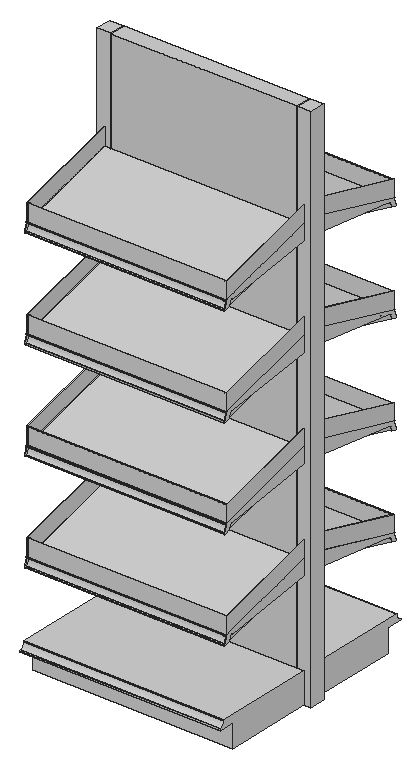
Revit family "ML5", category Specialty Equipment, Revit 2012
Parameters (values of type "Maxi Line Angled Shelves Starter (Default)")
  URL = "http://www.madixinc.com/display/maxiline/shelvesaccessories/sus.html"
  Model = "Maxi Line"
  Manufacturer = "© 2012 Madix, Inc. All rights reserved."
  "Front" Base Shelf [instance] = yes
  "Front" 2' Shelf [instance] = yes
  "Front" 3' 6" Shelf [instance] = yes
  "Front" 5' Shelf [instance] = yes
  "Front" 6' 6" Shelf [instance] = yes
  "Back" Base Shelf [instance] = yes
  "Back" 2' Shelf [instance] = yes
  "Back" 3' 6" Shelf [instance] = yes
  "Back" 5' Shelf [instance] = yes
  "Back" 6' 6" Shelf [instance] = yes
  Width = 3' - 0"
  Height = 8' - 0"
  "Front" Shelf Depth = 1' - 6"
  "Back" Shelf Depth = 1' - 6"
Reference planes (in)
  plane 1 "Center (Front/Back)": y = 0
  plane 2: z = 0
  plane 3 "Center (Left/Right)": x = 0
  plane 4: y = 1.375
  plane 5: y = -1.375
  plane 6: x = -18
  plane 7: x = 18
  plane 8: x = -19.25
  plane 9: x = 19.25
  plane 10: y = -19.375
  plane 11: y = 19.375
  plane 12: z = 96
  plane 13: x = -17.875
  plane 14: x = 17.875
  plane 15: z = 5.5
  plane 16: z = 23.5
  plane 17: z = 41.5
  plane 18: z = 59.5
  plane 19: z = 77.5
  plane 20: y = -18.72931
  plane 21: y = 18.72931
Forms (in)
  Extrusion 1, solid, material "Metal - Steel"
    sketch origin (0, 0, 0) x (1, 0, 0) y (0, 1, 0)
      loop
        line (-19.25, 1.375) -> (-19.25, -1.375) -> (-16.75, -1.375) -> (-16.75, 1.375) -> (-19.25, 1.375)
      loop
        line (-16.71875, 1.375) -> (-16.71875, -1.375) -> (16.71875, -1.375) -> (16.71875, 1.375) -> (-16.71875, 1.375)
      loop
        line (19.25, 1.375) -> (16.75, 1.375) -> (16.75, -1.375) -> (19.25, -1.375) -> (19.25, 1.375)
    from 0 to 96
  Extrusion 2, solid, material "Metal - Steel", visible <- ""Front" 2' Shelf"
    sketch origin (0, 0, 0) x (0, 1, 0) y (0, 0, 1)
      loop
        line (-1.375, 23.5) -> (-18.60431, 18.88342) -> (-18.60431, 21.84993) -> (-18.72931, 21.84993) -> (-18.72931, 18.84993) -> (-18.88241, 18.8089) -> (-18.85005, 18.68816) -> (-18.72931, 18.72052)
        arc (-18.72931, 18.72052) -> (-18.81726, 18.03659) -> (-19.16259, 17.43974) r 1.75
        line (-19.16259, 17.43974) -> (-19.19494, 17.56048) -> (-19.31568, 17.52812) -> (-19.25097, 17.28664) -> (-1.375, 22.0765) -> (-1.375, 23.5)
    from -17.875 to 17.875
  Extrusion 3, solid, material "Metal - Steel", visible <- ""Front" Base Shelf"
    sketch origin (0, 0, 0) x (1, 0, 0) y (0, 1, 0)
      loop
        line (-18, -1.375) -> (-18, -17.375) -> (18, -17.375) -> (18, -1.375) -> (-18, -1.375)
    from 0 to 4.125
  Extrusion 4, solid, material "Metal - Steel", visible <- ""Front" Base Shelf"
    sketch origin (0, 0, 0) x (0, 1, 0) y (0, 0, 1)
      loop
        line (-1.375, 5.5) -> (-19.375, 5.5) -> (-19.5, 5.5) -> (-19.5, 5.375) -> (-19.375, 5.375)
        arc (-19.375, 5.375) -> (-19.63696, 4.73714) -> (-20.125, 4.25) r 1.75
        line (-20.125, 4.25) -> (-20.125, 4.375) -> (-20.25, 4.375) -> (-20.25, 4.125) -> (-1.375, 4.125) -> (-1.375, 5.5)
    from -18 to 18
  Extrusion 5, solid, material "Metal - Steel", visible <- ""Back" Base Shelf"
    sketch origin (0, 0, 0) x (1, 0, 0) y (0, 1, 0)
      loop
        line (-18, 1.375) -> (18, 1.375) -> (18, 17.375) -> (-18, 17.375) -> (-18, 1.375)
    from 0 to 4.125
  Extrusion 6, solid, material "Metal - Steel", visible <- ""Back" Base Shelf"
    sketch origin (0, 0, 0) x (0, -1, 0) y (0, 0, -1)
      loop
        line (-1.375, -5.5) -> (-1.375, -4.125) -> (-20.25, -4.125) -> (-20.25, -4.375) -> (-20.125, -4.375) -> (-20.125, -4.25)
        arc (-20.125, -4.25) -> (-19.63696, -4.73714) -> (-19.375, -5.375) r 1.75
        line (-19.375, -5.375) -> (-19.5, -5.375) -> (-19.5, -5.5) -> (-19.375, -5.5) -> (-1.375, -5.5)
    from -18 to 18
  Extrusion 7, solid, material "Metal - Steel", visible <- ""Front" 2' Shelf"
    sketch origin (0, 0, 0) x (0, 1, 0) y (0, 0, 1)
      loop
        line (-18.88241, 18.8089) -> (-18.85005, 18.68816)
        arc (-18.85005, 18.68816) -> (-18.97576, 18.06515) -> (-19.31568, 17.52812) r 1.75
        line (-19.31568, 17.52812) -> (-19.25097, 17.28664) -> (-18.28505, 17.54546) -> (-18.34975, 17.78694) -> (-17.78707, 18.58476) -> (-17.54559, 18.64947) -> (-17.51324, 18.52872) -> (-1.375, 20.75) -> (-1.375, 23.5) -> (-18.72931, 18.84993) -> (-18.88241, 18.8089)
      loop
        circle (-3.42759, 22.43237) r 0.125
      loop
        circle (-15.61374, 19.1671) r 0.125
      loop
        line (-1.375, 26.5) -> (-18.72931, 21.84993) -> (-18.72931, 18.88118) -> (-1.375, 23.53125) -> (-1.375, 26.5)
    from -18 to -17.875
  Extrusion 8, solid, material "Metal - Steel", visible <- ""Front" 2' Shelf"
    sketch origin (0, 0, 0) x (0, 1, 0) y (0, 0, -1)
      loop
        line (-18.88241, -18.8089) -> (-18.72931, -18.84993) -> (-1.375, -23.5) -> (-1.375, -20.75) -> (-17.51324, -18.52872) -> (-17.54559, -18.64947) -> (-17.78707, -18.58476) -> (-18.34975, -17.78694) -> (-18.28505, -17.54546) -> (-19.25097, -17.28664) -> (-19.31568, -17.52812)
        arc (-19.31568, -17.52812) -> (-18.97576, -18.06515) -> (-18.85005, -18.68816) r 1.75
        line (-18.85005, -18.68816) -> (-18.88241, -18.8089)
      loop
        circle (-3.42759, -22.43237) r 0.125
      loop
        circle (-15.61374, -19.1671) r 0.125
      loop
        line (-1.375, -26.5) -> (-1.375, -23.53125) -> (-18.72931, -18.88118) -> (-18.72931, -21.84993) -> (-1.375, -26.5)
    from -18 to -17.875
  Extrusion 9, solid, material "Metal - Steel", visible <- ""Front" 3' 6" Shelf"
    sketch origin (0, 0, 18) x (0, 1, 0) y (0, 0, 1)
      loop
        line (-1.375, 23.5) -> (-18.60431, 18.88342) -> (-18.60431, 21.84993) -> (-18.72931, 21.84993) -> (-18.72931, 18.84993) -> (-18.88241, 18.8089) -> (-18.85005, 18.68816) -> (-18.72931, 18.72052)
        arc (-18.72931, 18.72052) -> (-18.81726, 18.03659) -> (-19.16259, 17.43974) r 1.75
        line (-19.16259, 17.43974) -> (-19.19494, 17.56048) -> (-19.31568, 17.52812) -> (-19.25097, 17.28664) -> (-1.375, 22.0765) -> (-1.375, 23.5)
    from -17.875 to 17.875
  Extrusion 10, solid, material "Metal - Steel", visible <- ""Front" 5' Shelf"
    sketch origin (0, 0, 36) x (0, 1, 0) y (0, 0, 1)
      loop
        line (-1.375, 23.5) -> (-18.60431, 18.88342) -> (-18.60431, 21.84993) -> (-18.72931, 21.84993) -> (-18.72931, 18.84993) -> (-18.88241, 18.8089) -> (-18.85005, 18.68816) -> (-18.72931, 18.72052)
        arc (-18.72931, 18.72052) -> (-18.81726, 18.03659) -> (-19.16259, 17.43974) r 1.75
        line (-19.16259, 17.43974) -> (-19.19494, 17.56048) -> (-19.31568, 17.52812) -> (-19.25097, 17.28664) -> (-1.375, 22.0765) -> (-1.375, 23.5)
    from -17.875 to 17.875
  Extrusion 11, solid, material "Metal - Steel", visible <- ""Front" 6' 6" Shelf"
    sketch origin (0, 0, 54) x (0, 1, 0) y (0, 0, 1)
      loop
        line (-1.375, 23.5) -> (-18.60431, 18.88342) -> (-18.60431, 21.84993) -> (-18.72931, 21.84993) -> (-18.72931, 18.84993) -> (-18.88241, 18.8089) -> (-18.85005, 18.68816) -> (-18.72931, 18.72052)
        arc (-18.72931, 18.72052) -> (-18.81726, 18.03659) -> (-19.16259, 17.43974) r 1.75
        line (-19.16259, 17.43974) -> (-19.19494, 17.56048) -> (-19.31568, 17.52812) -> (-19.25097, 17.28664) -> (-1.375, 22.0765) -> (-1.375, 23.5)
    from -17.875 to 17.875
  Extrusion 12, solid, material "Metal - Steel", visible <- ""Back" 6' 6" Shelf"
    sketch origin (0, 0, 54) x (0, -1, 0) y (0, 0, -1)
      loop
        line (-1.375, -23.5) -> (-1.375, -22.0765) -> (-19.25097, -17.28664) -> (-19.31568, -17.52812) -> (-19.19494, -17.56048) -> (-19.16259, -17.43974)
        arc (-19.16259, -17.43974) -> (-18.81726, -18.03659) -> (-18.72931, -18.72052) r 1.75
        line (-18.72931, -18.72052) -> (-18.85005, -18.68816) -> (-18.88241, -18.8089) -> (-18.72931, -18.84993) -> (-18.72931, -21.84993) -> (-18.60431, -21.84993) -> (-18.60431, -18.88342) -> (-1.375, -23.5)
    from -17.875 to 17.875
  Extrusion 13, solid, material "Metal - Steel", visible <- ""Back" 5' Shelf"
    sketch origin (0, 0, 36) x (0, -1, 0) y (0, 0, -1)
      loop
        line (-1.375, -23.5) -> (-1.375, -22.0765) -> (-19.25097, -17.28664) -> (-19.31568, -17.52812) -> (-19.19494, -17.56048) -> (-19.16259, -17.43974)
        arc (-19.16259, -17.43974) -> (-18.81726, -18.03659) -> (-18.72931, -18.72052) r 1.75
        line (-18.72931, -18.72052) -> (-18.85005, -18.68816) -> (-18.88241, -18.8089) -> (-18.72931, -18.84993) -> (-18.72931, -21.84993) -> (-18.60431, -21.84993) -> (-18.60431, -18.88342) -> (-1.375, -23.5)
    from -17.875 to 17.875
  Extrusion 14, solid, material "Metal - Steel", visible <- ""Back" 3' 6" Shelf"
    sketch origin (0, 0, 18) x (0, -1, 0) y (0, 0, -1)
      loop
        line (-1.375, -23.5) -> (-1.375, -22.0765) -> (-19.25097, -17.28664) -> (-19.31568, -17.52812) -> (-19.19494, -17.56048) -> (-19.16259, -17.43974)
        arc (-19.16259, -17.43974) -> (-18.81726, -18.03659) -> (-18.72931, -18.72052) r 1.75
        line (-18.72931, -18.72052) -> (-18.85005, -18.68816) -> (-18.88241, -18.8089) -> (-18.72931, -18.84993) -> (-18.72931, -21.84993) -> (-18.60431, -21.84993) -> (-18.60431, -18.88342) -> (-1.375, -23.5)
    from -17.875 to 17.875
  Extrusion 15, solid, material "Metal - Steel", visible <- ""Back" 2' Shelf"
    sketch origin (0, 0, 0) x (0, -1, 0) y (0, 0, -1)
      loop
        line (-1.375, -23.5) -> (-1.375, -22.0765) -> (-19.25097, -17.28664) -> (-19.31568, -17.52812) -> (-19.19494, -17.56048) -> (-19.16259, -17.43974)
        arc (-19.16259, -17.43974) -> (-18.81726, -18.03659) -> (-18.72931, -18.72052) r 1.75
        line (-18.72931, -18.72052) -> (-18.85005, -18.68816) -> (-18.88241, -18.8089) -> (-18.72931, -18.84993) -> (-18.72931, -21.84993) -> (-18.60431, -21.84993) -> (-18.60431, -18.88342) -> (-1.375, -23.5)
    from -17.875 to 17.875
  Extrusion 16, solid, material "Metal - Steel", visible <- ""Front" 3' 6" Shelf"
    sketch origin (0, 0, 18) x (0, 1, 0) y (0, 0, 1)
      loop
        line (-18.88241, 18.8089) -> (-18.85005, 18.68816)
        arc (-18.85005, 18.68816) -> (-18.97576, 18.06515) -> (-19.31568, 17.52812) r 1.75
        line (-19.31568, 17.52812) -> (-19.25097, 17.28664) -> (-18.28505, 17.54546) -> (-18.34975, 17.78694) -> (-17.78707, 18.58476) -> (-17.54559, 18.64947) -> (-17.51324, 18.52872) -> (-1.375, 20.75) -> (-1.375, 23.5) -> (-18.72931, 18.84993) -> (-18.88241, 18.8089)
      loop
        circle (-3.42759, 22.43237) r 0.125
      loop
        circle (-15.61374, 19.1671) r 0.125
      loop
        line (-1.375, 26.5) -> (-18.72931, 21.84993) -> (-18.72931, 18.88118) -> (-1.375, 23.53125) -> (-1.375, 26.5)
    from -18 to -17.875
  Extrusion 17, solid, material "Metal - Steel", visible <- ""Front" 5' Shelf"
    sketch origin (0, 0, 36) x (0, 1, 0) y (0, 0, 1)
      loop
        line (-18.88241, 18.8089) -> (-18.85005, 18.68816)
        arc (-18.85005, 18.68816) -> (-18.97576, 18.06515) -> (-19.31568, 17.52812) r 1.75
        line (-19.31568, 17.52812) -> (-19.25097, 17.28664) -> (-18.28505, 17.54546) -> (-18.34975, 17.78694) -> (-17.78707, 18.58476) -> (-17.54559, 18.64947) -> (-17.51324, 18.52872) -> (-1.375, 20.75) -> (-1.375, 23.5) -> (-18.72931, 18.84993) -> (-18.88241, 18.8089)
      loop
        circle (-3.42759, 22.43237) r 0.125
      loop
        circle (-15.61374, 19.1671) r 0.125
      loop
        line (-1.375, 26.5) -> (-18.72931, 21.84993) -> (-18.72931, 18.88118) -> (-1.375, 23.53125) -> (-1.375, 26.5)
    from -18 to -17.875
  Extrusion 18, solid, material "Metal - Steel", visible <- ""Front" 6' 6" Shelf"
    sketch origin (0, 0, 54) x (0, 1, 0) y (0, 0, 1)
      loop
        line (-18.88241, 18.8089) -> (-18.85005, 18.68816)
        arc (-18.85005, 18.68816) -> (-18.97576, 18.06515) -> (-19.31568, 17.52812) r 1.75
        line (-19.31568, 17.52812) -> (-19.25097, 17.28664) -> (-18.28505, 17.54546) -> (-18.34975, 17.78694) -> (-17.78707, 18.58476) -> (-17.54559, 18.64947) -> (-17.51324, 18.52872) -> (-1.375, 20.75) -> (-1.375, 23.5) -> (-18.72931, 18.84993) -> (-18.88241, 18.8089)
      loop
        circle (-3.42759, 22.43237) r 0.125
      loop
        circle (-15.61374, 19.1671) r 0.125
      loop
        line (-1.375, 26.5) -> (-18.72931, 21.84993) -> (-18.72931, 18.88118) -> (-1.375, 23.53125) -> (-1.375, 26.5)
    from -18 to -17.875
  Extrusion 19, solid, material "Metal - Steel", visible <- ""Front" 3' 6" Shelf"
    sketch origin (0, 0, 18) x (0, 1, 0) y (0, 0, -1)
      loop
        line (-18.88241, -18.8089) -> (-18.72931, -18.84993) -> (-1.375, -23.5) -> (-1.375, -20.75) -> (-17.51324, -18.52872) -> (-17.54559, -18.64947) -> (-17.78707, -18.58476) -> (-18.34975, -17.78694) -> (-18.28505, -17.54546) -> (-19.25097, -17.28664) -> (-19.31568, -17.52812)
        arc (-19.31568, -17.52812) -> (-18.97576, -18.06515) -> (-18.85005, -18.68816) r 1.75
        line (-18.85005, -18.68816) -> (-18.88241, -18.8089)
      loop
        circle (-3.42759, -22.43237) r 0.125
      loop
        circle (-15.61374, -19.1671) r 0.125
      loop
        line (-1.375, -26.5) -> (-1.375, -23.53125) -> (-18.72931, -18.88118) -> (-18.72931, -21.84993) -> (-1.375, -26.5)
    from -18 to -17.875
  Extrusion 20, solid, material "Metal - Steel", visible <- ""Front" 5' Shelf"
    sketch origin (0, 0, 36) x (0, 1, 0) y (0, 0, -1)
      loop
        line (-18.88241, -18.8089) -> (-18.72931, -18.84993) -> (-1.375, -23.5) -> (-1.375, -20.75) -> (-17.51324, -18.52872) -> (-17.54559, -18.64947) -> (-17.78707, -18.58476) -> (-18.34975, -17.78694) -> (-18.28505, -17.54546) -> (-19.25097, -17.28664) -> (-19.31568, -17.52812)
        arc (-19.31568, -17.52812) -> (-18.97576, -18.06515) -> (-18.85005, -18.68816) r 1.75
        line (-18.85005, -18.68816) -> (-18.88241, -18.8089)
      loop
        circle (-3.42759, -22.43237) r 0.125
      loop
        circle (-15.61374, -19.1671) r 0.125
      loop
        line (-1.375, -26.5) -> (-1.375, -23.53125) -> (-18.72931, -18.88118) -> (-18.72931, -21.84993) -> (-1.375, -26.5)
    from -18 to -17.875
  Extrusion 21, solid, material "Metal - Steel", visible <- ""Front" 6' 6" Shelf"
    sketch origin (0, 0, 54) x (0, 1, 0) y (0, 0, -1)
      loop
        line (-18.88241, -18.8089) -> (-18.72931, -18.84993) -> (-1.375, -23.5) -> (-1.375, -20.75) -> (-17.51324, -18.52872) -> (-17.54559, -18.64947) -> (-17.78707, -18.58476) -> (-18.34975, -17.78694) -> (-18.28505, -17.54546) -> (-19.25097, -17.28664) -> (-19.31568, -17.52812)
        arc (-19.31568, -17.52812) -> (-18.97576, -18.06515) -> (-18.85005, -18.68816) r 1.75
        line (-18.85005, -18.68816) -> (-18.88241, -18.8089)
      loop
        circle (-3.42759, -22.43237) r 0.125
      loop
        circle (-15.61374, -19.1671) r 0.125
      loop
        line (-1.375, -26.5) -> (-1.375, -23.53125) -> (-18.72931, -18.88118) -> (-18.72931, -21.84993) -> (-1.375, -26.5)
    from -18 to -17.875
  Extrusion 22, solid, material "Metal - Steel", visible <- ""Back" 2' Shelf"
    sketch origin (0, 0, 0) x (0, -1, 0) y (0, 0, -1)
      loop
        line (-18.88241, -18.8089) -> (-18.72931, -18.84993) -> (-1.375, -23.5) -> (-1.375, -20.75) -> (-17.51324, -18.52872) -> (-17.54559, -18.64947) -> (-17.78707, -18.58476) -> (-18.34975, -17.78694) -> (-18.28505, -17.54546) -> (-19.25097, -17.28664) -> (-19.31568, -17.52812)
        arc (-19.31568, -17.52812) -> (-18.97576, -18.06515) -> (-18.85005, -18.68816) r 1.75
        line (-18.85005, -18.68816) -> (-18.88241, -18.8089)
      loop
        circle (-3.42759, -22.43237) r 0.125
      loop
        circle (-15.61374, -19.1671) r 0.125
      loop
        line (-1.375, -26.5) -> (-1.375, -23.53125) -> (-18.72931, -18.88118) -> (-18.72931, -21.84993) -> (-1.375, -26.5)
    from -18 to -17.875
  Extrusion 23, solid, material "Metal - Steel", visible <- ""Back" 2' Shelf"
    sketch origin (0, 0, 0) x (0, -1, 0) y (0, 0, 1)
      loop
        line (-18.88241, 18.8089) -> (-18.85005, 18.68816)
        arc (-18.85005, 18.68816) -> (-18.97576, 18.06515) -> (-19.31568, 17.52812) r 1.75
        line (-19.31568, 17.52812) -> (-19.25097, 17.28664) -> (-18.28505, 17.54546) -> (-18.34975, 17.78694) -> (-17.78707, 18.58476) -> (-17.54559, 18.64947) -> (-17.51324, 18.52872) -> (-1.375, 20.75) -> (-1.375, 23.5) -> (-18.72931, 18.84993) -> (-18.88241, 18.8089)
      loop
        circle (-3.42759, 22.43237) r 0.125
      loop
        circle (-15.61374, 19.1671) r 0.125
      loop
        line (-1.375, 26.5) -> (-18.72931, 21.84993) -> (-18.72931, 18.88118) -> (-1.375, 23.53125) -> (-1.375, 26.5)
    from -18 to -17.875
  Extrusion 24, solid, material "Metal - Steel", visible <- ""Back" 3' 6" Shelf"
    sketch origin (0, 0, 18) x (0, -1, 0) y (0, 0, -1)
      loop
        line (-18.88241, -18.8089) -> (-18.72931, -18.84993) -> (-1.375, -23.5) -> (-1.375, -20.75) -> (-17.51324, -18.52872) -> (-17.54559, -18.64947) -> (-17.78707, -18.58476) -> (-18.34975, -17.78694) -> (-18.28505, -17.54546) -> (-19.25097, -17.28664) -> (-19.31568, -17.52812)
        arc (-19.31568, -17.52812) -> (-18.97576, -18.06515) -> (-18.85005, -18.68816) r 1.75
        line (-18.85005, -18.68816) -> (-18.88241, -18.8089)
      loop
        circle (-3.42759, -22.43237) r 0.125
      loop
        circle (-15.61374, -19.1671) r 0.125
      loop
        line (-1.375, -26.5) -> (-1.375, -23.53125) -> (-18.72931, -18.88118) -> (-18.72931, -21.84993) -> (-1.375, -26.5)
    from -18 to -17.875
  Extrusion 25, solid, material "Metal - Steel", visible <- ""Back" 3' 6" Shelf"
    sketch origin (0, 0, 18) x (0, -1, 0) y (0, 0, 1)
      loop
        line (-18.88241, 18.8089) -> (-18.85005, 18.68816)
        arc (-18.85005, 18.68816) -> (-18.97576, 18.06515) -> (-19.31568, 17.52812) r 1.75
        line (-19.31568, 17.52812) -> (-19.25097, 17.28664) -> (-18.28505, 17.54546) -> (-18.34975, 17.78694) -> (-17.78707, 18.58476) -> (-17.54559, 18.64947) -> (-17.51324, 18.52872) -> (-1.375, 20.75) -> (-1.375, 23.5) -> (-18.72931, 18.84993) -> (-18.88241, 18.8089)
      loop
        circle (-3.42759, 22.43237) r 0.125
      loop
        circle (-15.61374, 19.1671) r 0.125
      loop
        line (-1.375, 26.5) -> (-18.72931, 21.84993) -> (-18.72931, 18.88118) -> (-1.375, 23.53125) -> (-1.375, 26.5)
    from -18 to -17.875
  Extrusion 26, solid, material "Metal - Steel", visible <- ""Back" 5' Shelf"
    sketch origin (0, 0, 36) x (0, -1, 0) y (0, 0, -1)
      loop
        line (-18.88241, -18.8089) -> (-18.72931, -18.84993) -> (-1.375, -23.5) -> (-1.375, -20.75) -> (-17.51324, -18.52872) -> (-17.54559, -18.64947) -> (-17.78707, -18.58476) -> (-18.34975, -17.78694) -> (-18.28505, -17.54546) -> (-19.25097, -17.28664) -> (-19.31568, -17.52812)
        arc (-19.31568, -17.52812) -> (-18.97576, -18.06515) -> (-18.85005, -18.68816) r 1.75
        line (-18.85005, -18.68816) -> (-18.88241, -18.8089)
      loop
        circle (-3.42759, -22.43237) r 0.125
      loop
        circle (-15.61374, -19.1671) r 0.125
      loop
        line (-1.375, -26.5) -> (-1.375, -23.53125) -> (-18.72931, -18.88118) -> (-18.72931, -21.84993) -> (-1.375, -26.5)
    from -18 to -17.875
  Extrusion 27, solid, material "Metal - Steel", visible <- ""Back" 5' Shelf"
    sketch origin (0, 0, 36) x (0, -1, 0) y (0, 0, 1)
      loop
        line (-18.88241, 18.8089) -> (-18.85005, 18.68816)
        arc (-18.85005, 18.68816) -> (-18.97576, 18.06515) -> (-19.31568, 17.52812) r 1.75
        line (-19.31568, 17.52812) -> (-19.25097, 17.28664) -> (-18.28505, 17.54546) -> (-18.34975, 17.78694) -> (-17.78707, 18.58476) -> (-17.54559, 18.64947) -> (-17.51324, 18.52872) -> (-1.375, 20.75) -> (-1.375, 23.5) -> (-18.72931, 18.84993) -> (-18.88241, 18.8089)
      loop
        circle (-3.42759, 22.43237) r 0.125
      loop
        circle (-15.61374, 19.1671) r 0.125
      loop
        line (-1.375, 26.5) -> (-18.72931, 21.84993) -> (-18.72931, 18.88118) -> (-1.375, 23.53125) -> (-1.375, 26.5)
    from -18 to -17.875
  Extrusion 28, solid, material "Metal - Steel", visible <- ""Back" 6' 6" Shelf"
    sketch origin (0, 0, 54) x (0, -1, 0) y (0, 0, -1)
      loop
        line (-18.88241, -18.8089) -> (-18.72931, -18.84993) -> (-1.375, -23.5) -> (-1.375, -20.75) -> (-17.51324, -18.52872) -> (-17.54559, -18.64947) -> (-17.78707, -18.58476) -> (-18.34975, -17.78694) -> (-18.28505, -17.54546) -> (-19.25097, -17.28664) -> (-19.31568, -17.52812)
        arc (-19.31568, -17.52812) -> (-18.97576, -18.06515) -> (-18.85005, -18.68816) r 1.75
        line (-18.85005, -18.68816) -> (-18.88241, -18.8089)
      loop
        circle (-3.42759, -22.43237) r 0.125
      loop
        circle (-15.61374, -19.1671) r 0.125
      loop
        line (-1.375, -26.5) -> (-1.375, -23.53125) -> (-18.72931, -18.88118) -> (-18.72931, -21.84993) -> (-1.375, -26.5)
    from -18 to -17.875
  Extrusion 29, solid, material "Metal - Steel", visible <- ""Back" 6' 6" Shelf"
    sketch origin (0, 0, 54) x (0, -1, 0) y (0, 0, 1)
      loop
        line (-18.88241, 18.8089) -> (-18.85005, 18.68816)
        arc (-18.85005, 18.68816) -> (-18.97576, 18.06515) -> (-19.31568, 17.52812) r 1.75
        line (-19.31568, 17.52812) -> (-19.25097, 17.28664) -> (-18.28505, 17.54546) -> (-18.34975, 17.78694) -> (-17.78707, 18.58476) -> (-17.54559, 18.64947) -> (-17.51324, 18.52872) -> (-1.375, 20.75) -> (-1.375, 23.5) -> (-18.72931, 18.84993) -> (-18.88241, 18.8089)
      loop
        circle (-3.42759, 22.43237) r 0.125
      loop
        circle (-15.61374, 19.1671) r 0.125
      loop
        line (-1.375, 26.5) -> (-18.72931, 21.84993) -> (-18.72931, 18.88118) -> (-1.375, 23.53125) -> (-1.375, 26.5)
    from -18 to -17.875
Cuts and joins
  joined: Extrusion 3, Extrusion 4
  joined: Extrusion 5, Extrusion 6
Dimensions and locks (in)
  locked: plane 8 to plane 6 at 1.25
  locked: plane 7 to plane 9 at 1.25
  ""Front" Shelf Depth": plane 5 to plane 10
  ""Back" Shelf Depth": plane 11 to plane 4
  "Height": plane 12 to level
  equal spacing: plane 6, plane 3 "Center (Left/Right)", plane 7
  "Width": plane 6 to plane 7
  locked: plane 6 to plane 13 at 0.125
  locked: plane 14 to plane 7 at 0.125
  locked: plane 20 to plane 10 at 0.64569
  locked: plane 11 to plane 21 at 0.64569
  aligned and locked: level to plane 2
  aligned and locked: plane 12 to Extrusion 1
  aligned and locked: Extrusion 4 to plane 6
  aligned and locked: Extrusion 2 to plane 13
  aligned and locked: Extrusion 4 to plane 7
  aligned and locked: Extrusion 2 to plane 14
  aligned and locked: Extrusion 6 to plane 7
  aligned and locked: Extrusion 6 to plane 6
  aligned and locked: Extrusion 6 to Extrusion 5
  aligned and locked: Extrusion 7 to plane 6
  aligned and locked: plane 13 to Extrusion 7
  aligned and locked: Extrusion 18 to plane 6
  aligned and locked: plane 13 to Extrusion 18
  aligned and locked: Extrusion 17 to plane 6
  aligned and locked: plane 13 to Extrusion 17
  aligned and locked: Extrusion 16 to plane 6
  aligned and locked: plane 13 to Extrusion 16
  aligned and locked: Extrusion 11 to plane 13
  aligned and locked: Extrusion 10 to plane 13
  aligned and locked: Extrusion 9 to plane 13
  aligned and locked: plane 14 to Extrusion 21
  aligned and locked: Extrusion 11 to plane 14
  aligned and locked: Extrusion 20 to plane 7
  aligned and locked: plane 14 to Extrusion 20
  aligned and locked: Extrusion 19 to plane 7
  aligned and locked: plane 14 to Extrusion 19
  aligned and locked: Extrusion 10 to plane 14
  aligned and locked: Extrusion 8 to plane 7
  aligned and locked: plane 14 to Extrusion 8
  aligned and locked: Extrusion 28 to plane 6
  aligned and locked: plane 13 to Extrusion 28
  aligned and locked: Extrusion 12 to plane 13
  aligned and locked: Extrusion 26 to plane 6
  aligned and locked: plane 13 to Extrusion 26
  aligned and locked: Extrusion 13 to plane 13
  aligned and locked: Extrusion 24 to plane 6
  aligned and locked: plane 13 to Extrusion 24
  aligned and locked: Extrusion 14 to plane 13
  aligned and locked: Extrusion 22 to plane 6
  aligned and locked: plane 13 to Extrusion 22
  aligned and locked: Extrusion 15 to plane 13
  aligned and locked: Extrusion 15 to plane 14
  aligned and locked: Extrusion 29 to plane 7
  aligned and locked: plane 14 to Extrusion 29
  aligned and locked: Extrusion 12 to plane 14
  aligned and locked: Extrusion 27 to plane 7
  aligned and locked: plane 14 to Extrusion 27
  aligned and locked: Extrusion 13 to plane 14
  aligned and locked: Extrusion 25 to plane 7
  aligned and locked: plane 14 to Extrusion 25
  aligned and locked: Extrusion 14 to plane 14
  aligned and locked: Extrusion 23 to plane 7
  aligned and locked: plane 14 to Extrusion 23
  aligned and locked: Extrusion 21 to plane 7
  aligned and locked: Extrusion 9 to plane 14
Automatic sketch dimensions
  Extrusion 1 sketch curve to plane 4 = 0' - 0"  (x3)
  Extrusion 1 sketch curve to plane 8 = 0' - 0"
  plane 5 to Extrusion 1 sketch curve = 0' - 0"  (x3)
  Extrusion 1 sketch curve to plane 9 = 0' - 0"
  plane 13 to Extrusion 1 sketch curve = 0' - 1 1/8"
  Extrusion 1 sketch curve to Extrusion 1 sketch curve = 0' - 0 1/32"  (x2)
  plane 14 to Extrusion 1 sketch curve = 0' - 1 5/32"
  Extrusion 2 sketch curve to plane 20 = 0' - 0"  (x2)
  Extrusion 2 sketch curve to plane 5 = 0' - 0"
  plane 16 to Extrusion 2 sketch curve = 0' - 0"
  plane 20 to Extrusion 2 sketch curve = 0' - 0.12074"
  Extrusion 2 sketch curve to Extrusion 2 sketch curve = 0' - 0.03235"  (x2)
  plane 10 to Extrusion 2 sketch curve = 0' - 0.21241"
  plane 10 to Extrusion 2 sketch curve = 0' - 0.12403"
  plane 10 to Extrusion 2 sketch curve = 0' - 0.05932"
  Extrusion 2 sketch curve to plane 10 = 0' - 1.09997"
  Extrusion 2 sketch curve to plane 20 = 0' - 0 1/8"
  Extrusion 2 sketch curve to Extrusion 2 sketch curve = 0' - 1.4235"
  plane 16 to Extrusion 2 sketch curve = 0' - 1.65007"
  Extrusion 2 sketch curve to Extrusion 2 sketch curve = 0' - 2.96651"
  Extrusion 2 sketch curve to Extrusion 2 sketch curve = 0' - 0.03349"
  Extrusion 2 sketch curve to Extrusion 2 sketch curve = 0' - 0.04102"
  Extrusion 2 sketch curve to Extrusion 2 sketch curve = 0' - 0.21153"
  plane 5 to Extrusion 3 sketch curve = 0' - 0"
  Extrusion 3 sketch curve to plane 6 = 0' - 0"
  Extrusion 3 sketch curve to plane 7 = 0' - 0"
  Extrusion 3 sketch curve to plane 20 = 0' - 1.35431"
  plane 15 to Extrusion 4 sketch curve = 0' - 0"
  Extrusion 4 sketch curve to plane 10 = 0' - 0"  (x2)
  Extrusion 4 sketch curve to plane 5 = 0' - 0"
  Extrusion 4 sketch curve to Extrusion 4 sketch curve = 0' - 0 1/8"  (x4)
  Extrusion 4 sketch curve to plane 10 = 0' - 0 3/4"
  Extrusion 4 sketch curve to plane 15 = 0' - 0.20787"
  Extrusion 4 sketch curve to Extrusion 4 sketch curve = 0' - 0.84305"
  Extrusion 4 sketch curve to Extrusion 4 sketch curve = 0' - 1 3/8"
  Extrusion 5 sketch curve to plane 4 = 0' - 0"
  Extrusion 5 sketch curve to plane 6 = 0' - 0"
  Extrusion 5 sketch curve to plane 7 = 0' - 0"
  plane 21 to Extrusion 5 sketch curve = 0' - 1.35431"
  plane 15 to Extrusion 6 sketch curve = 0' - 0"
  Extrusion 6 sketch curve to plane 11 = 0' - 0"  (x2)
  Extrusion 6 sketch curve to plane 4 = 0' - 0"
  plane 11 to Extrusion 6 sketch curve = 0' - 0 1/8"
  plane 11 to Extrusion 6 sketch curve = 0' - 0 3/4"
  Extrusion 6 sketch curve to Extrusion 6 sketch curve = 0' - 0 1/8"  (x2)
  plane 15 to Extrusion 6 sketch curve = 0' - 0.20787"
  Extrusion 6 sketch curve to Extrusion 6 sketch curve = 0' - 0.84305"
  Extrusion 6 sketch curve to plane 15 = 0' - 0 1/8"
  Extrusion 6 sketch curve to plane 15 = 0' - 1 3/8"
  Extrusion 7 sketch curve to plane 20 = 0' - 0"  (x2)
  Extrusion 7 sketch curve to plane 5 = 0' - 0"  (x2)
  plane 16 to Extrusion 7 sketch curve = 0' - 0"
  plane 20 to Extrusion 7 sketch curve = 0' - 0.12074"
  Extrusion 7 sketch curve to Extrusion 7 sketch curve = 0' - 0.03235"  (x2)
  plane 10 to Extrusion 7 sketch curve = 0' - 0.12403"
  plane 10 to Extrusion 7 sketch curve = 0' - 0.05932"
  Extrusion 7 sketch curve to plane 10 = 0' - 1.22482"
  Extrusion 7 sketch curve to plane 20 = 0' - 0.37956"
  Extrusion 7 sketch curve to Extrusion 7 sketch curve = 0' - 0.0647"  (x2)
  Extrusion 7 sketch curve to plane 20 = 0' - 0.94224"
  Extrusion 7 sketch curve to Extrusion 7 sketch curve = 0' - 0.24148"
  Extrusion 7 sketch curve to Extrusion 7 sketch curve = 0' - 1.93185"
  plane 5 to Extrusion 7 sketch curve = 0' - 2.05259"
  plane 16 to Extrusion 7 sketch curve = 0' - 1.06763"
  plane 16 to Extrusion 7 sketch curve = 0' - 1.65007"
  Extrusion 7 sketch curve to Extrusion 7 sketch curve = 0' - 1.68237"
  Extrusion 7 sketch curve to Extrusion 7 sketch curve = 0' - 2.68282"
  Extrusion 7 sketch curve to Extrusion 7 sketch curve = 0' - 2 31/32"  (x2)
  Extrusion 7 sketch curve to Extrusion 7 sketch curve = 0' - 0 1/32"
  Extrusion 7 sketch curve to Extrusion 7 sketch curve = 0' - 0.04102"
  Extrusion 7 sketch curve to Extrusion 7 sketch curve = 0' - 0.09188"
  Extrusion 7 sketch curve to Extrusion 7 sketch curve = 0' - 0.20046"
  Extrusion 7 sketch curve to Extrusion 7 sketch curve = 0' - 0.79782"
  Extrusion 7 sketch curve to plane 16 = 0' - 0 1/32"
  Extrusion 8 sketch curve to plane 20 = 0' - 0"  (x2)
  Extrusion 8 sketch curve to plane 5 = 0' - 0"  (x2)
  plane 16 to Extrusion 8 sketch curve = 0' - 0"
  plane 20 to Extrusion 8 sketch curve = 0' - 0.12074"
  Extrusion 8 sketch curve to Extrusion 8 sketch curve = 0' - 0.03235"  (x2)
  plane 10 to Extrusion 8 sketch curve = 0' - 0.12403"
  plane 10 to Extrusion 8 sketch curve = 0' - 0.05932"
  Extrusion 8 sketch curve to plane 10 = 0' - 1.22482"
  Extrusion 8 sketch curve to plane 20 = 0' - 0.37956"
  Extrusion 8 sketch curve to Extrusion 8 sketch curve = 0' - 0.0647"  (x2)
  Extrusion 8 sketch curve to plane 20 = 0' - 0.94224"
  Extrusion 8 sketch curve to Extrusion 8 sketch curve = 0' - 0.24148"
  Extrusion 8 sketch curve to Extrusion 8 sketch curve = 0' - 1.93185"
  plane 5 to Extrusion 8 sketch curve = 0' - 2.05259"
  Extrusion 8 sketch curve to Extrusion 8 sketch curve = 0' - 0 1/32"  (x2)
  Extrusion 8 sketch curve to Extrusion 8 sketch curve = 0' - 2 31/32"  (x2)
  plane 16 to Extrusion 8 sketch curve = 0' - 1.06763"
  plane 16 to Extrusion 8 sketch curve = 0' - 1.65007"
  Extrusion 8 sketch curve to Extrusion 8 sketch curve = 0' - 1.68237"
  Extrusion 8 sketch curve to Extrusion 8 sketch curve = 0' - 2.68282"
  Extrusion 8 sketch curve to Extrusion 8 sketch curve = 0' - 0.04102"
  Extrusion 8 sketch curve to Extrusion 8 sketch curve = 0' - 0.09188"
  Extrusion 8 sketch curve to Extrusion 8 sketch curve = 0' - 0.20046"
  Extrusion 8 sketch curve to Extrusion 8 sketch curve = 0' - 0.79782"
  Extrusion 9 sketch curve to plane 20 = 0' - 0"  (x2)
  Extrusion 9 sketch curve to plane 5 = 0' - 0"
  Extrusion 9 sketch curve to plane 17 = 0' - 0"
  plane 20 to Extrusion 9 sketch curve = 0' - 0.12074"
  Extrusion 9 sketch curve to Extrusion 9 sketch curve = 0' - 0.03235"  (x2)
  plane 10 to Extrusion 9 sketch curve = 0' - 0.21241"
  plane 10 to Extrusion 9 sketch curve = 0' - 0.12403"
  plane 10 to Extrusion 9 sketch curve = 0' - 0.05932"
  Extrusion 9 sketch curve to plane 10 = 0' - 1.09997"
  Extrusion 9 sketch curve to plane 20 = 0' - 0 1/8"
  Extrusion 9 sketch curve to Extrusion 9 sketch curve = 0' - 1.4235"
  Extrusion 9 sketch curve to plane 17 = 0' - 1.65007"
  Extrusion 9 sketch curve to Extrusion 9 sketch curve = 0' - 2.96651"
  Extrusion 9 sketch curve to Extrusion 9 sketch curve = 0' - 0.03349"
  Extrusion 9 sketch curve to Extrusion 9 sketch curve = 0' - 0.04102"
  Extrusion 9 sketch curve to Extrusion 9 sketch curve = 0' - 0.21153"
  Extrusion 10 sketch curve to plane 20 = 0' - 0"  (x2)
  Extrusion 10 sketch curve to plane 5 = 0' - 0"
  Extrusion 10 sketch curve to plane 18 = 0' - 0"
  plane 20 to Extrusion 10 sketch curve = 0' - 0.12074"
  Extrusion 10 sketch curve to Extrusion 10 sketch curve = 0' - 0.03235"  (x2)
  plane 10 to Extrusion 10 sketch curve = 0' - 0.21241"
  plane 10 to Extrusion 10 sketch curve = 0' - 0.12403"
  plane 10 to Extrusion 10 sketch curve = 0' - 0.05932"
  Extrusion 10 sketch curve to plane 10 = 0' - 1.09997"
  Extrusion 10 sketch curve to plane 20 = 0' - 0 1/8"
  Extrusion 10 sketch curve to Extrusion 10 sketch curve = 0' - 1.4235"
  Extrusion 10 sketch curve to plane 18 = 0' - 1.65007"
  Extrusion 10 sketch curve to Extrusion 10 sketch curve = 0' - 2.96651"
  Extrusion 10 sketch curve to Extrusion 10 sketch curve = 0' - 0.03349"
  Extrusion 10 sketch curve to Extrusion 10 sketch curve = 0' - 0.04102"
  Extrusion 10 sketch curve to Extrusion 10 sketch curve = 0' - 0.21153"
  Extrusion 11 sketch curve to plane 20 = 0' - 0"  (x2)
  Extrusion 11 sketch curve to plane 5 = 0' - 0"
  plane 19 to Extrusion 11 sketch curve = 0' - 0"
  plane 20 to Extrusion 11 sketch curve = 0' - 0.12074"
  Extrusion 11 sketch curve to Extrusion 11 sketch curve = 0' - 0.03235"  (x2)
  plane 10 to Extrusion 11 sketch curve = 0' - 0.21241"
  plane 10 to Extrusion 11 sketch curve = 0' - 0.12403"
  plane 10 to Extrusion 11 sketch curve = 0' - 0.05932"
  Extrusion 11 sketch curve to plane 10 = 0' - 1.09997"
  Extrusion 11 sketch curve to plane 20 = 0' - 0 1/8"
  Extrusion 11 sketch curve to Extrusion 11 sketch curve = 0' - 1.4235"
  plane 19 to Extrusion 11 sketch curve = 0' - 1.65007"
  Extrusion 11 sketch curve to Extrusion 11 sketch curve = 0' - 2.96651"
  Extrusion 11 sketch curve to Extrusion 11 sketch curve = 0' - 0.03349"
  Extrusion 11 sketch curve to Extrusion 11 sketch curve = 0' - 0.04102"
  Extrusion 11 sketch curve to Extrusion 11 sketch curve = 0' - 0.21153"
  Extrusion 12 sketch curve to plane 21 = 0' - 0"  (x2)
  Extrusion 12 sketch curve to plane 4 = 0' - 0"
  plane 19 to Extrusion 12 sketch curve = 0' - 0"
  Extrusion 12 sketch curve to plane 21 = 0' - 0.12074"
  Extrusion 12 sketch curve to Extrusion 12 sketch curve = 0' - 0.03235"  (x2)
  Extrusion 12 sketch curve to plane 11 = 0' - 0.21241"
  Extrusion 12 sketch curve to plane 11 = 0' - 0.12403"
  Extrusion 12 sketch curve to plane 11 = 0' - 0.05932"
  plane 11 to Extrusion 12 sketch curve = 0' - 1.09997"
  plane 21 to Extrusion 12 sketch curve = 0' - 0 1/8"
  Extrusion 12 sketch curve to Extrusion 12 sketch curve = 0' - 1.4235"
  Extrusion 12 sketch curve to plane 19 = 0' - 1.65007"
  Extrusion 12 sketch curve to Extrusion 12 sketch curve = 0' - 2.96651"
  Extrusion 12 sketch curve to Extrusion 12 sketch curve = 0' - 0.03349"
  Extrusion 12 sketch curve to Extrusion 12 sketch curve = 0' - 0.04102"
  Extrusion 12 sketch curve to Extrusion 12 sketch curve = 0' - 0.21153"
  Extrusion 13 sketch curve to plane 21 = 0' - 0"  (x2)
  Extrusion 13 sketch curve to plane 4 = 0' - 0"
  Extrusion 13 sketch curve to plane 18 = 0' - 0"
  Extrusion 13 sketch curve to plane 21 = 0' - 0.12074"
  Extrusion 13 sketch curve to Extrusion 13 sketch curve = 0' - 0.03235"  (x2)
  Extrusion 13 sketch curve to plane 11 = 0' - 0.21241"
  Extrusion 13 sketch curve to plane 11 = 0' - 0.12403"
  Extrusion 13 sketch curve to plane 11 = 0' - 0.05932"
  plane 11 to Extrusion 13 sketch curve = 0' - 1.09997"
  plane 21 to Extrusion 13 sketch curve = 0' - 0 1/8"
  Extrusion 13 sketch curve to Extrusion 13 sketch curve = 0' - 1.4235"
  plane 18 to Extrusion 13 sketch curve = 0' - 1.65007"
  Extrusion 13 sketch curve to Extrusion 13 sketch curve = 0' - 2.96651"
  Extrusion 13 sketch curve to Extrusion 13 sketch curve = 0' - 0.03349"
  Extrusion 13 sketch curve to Extrusion 13 sketch curve = 0' - 0.04102"
  Extrusion 13 sketch curve to Extrusion 13 sketch curve = 0' - 0.21153"
  Extrusion 14 sketch curve to plane 21 = 0' - 0"  (x2)
  Extrusion 14 sketch curve to plane 4 = 0' - 0"
  Extrusion 14 sketch curve to plane 17 = 0' - 0"
  Extrusion 14 sketch curve to plane 21 = 0' - 0.12074"
  Extrusion 14 sketch curve to Extrusion 14 sketch curve = 0' - 0.03235"  (x2)
  Extrusion 14 sketch curve to plane 11 = 0' - 0.21241"
  Extrusion 14 sketch curve to plane 11 = 0' - 0.12403"
  Extrusion 14 sketch curve to plane 11 = 0' - 0.05932"
  plane 11 to Extrusion 14 sketch curve = 0' - 1.09997"
  plane 21 to Extrusion 14 sketch curve = 0' - 0 1/8"
  Extrusion 14 sketch curve to Extrusion 14 sketch curve = 0' - 1.4235"
  plane 17 to Extrusion 14 sketch curve = 0' - 1.65007"
  Extrusion 14 sketch curve to Extrusion 14 sketch curve = 0' - 2.96651"
  Extrusion 14 sketch curve to Extrusion 14 sketch curve = 0' - 0.03349"
  Extrusion 14 sketch curve to Extrusion 14 sketch curve = 0' - 0.04102"
  Extrusion 14 sketch curve to Extrusion 14 sketch curve = 0' - 0.21153"
  Extrusion 15 sketch curve to plane 21 = 0' - 0"  (x2)
  Extrusion 15 sketch curve to plane 4 = 0' - 0"
  plane 16 to Extrusion 15 sketch curve = 0' - 0"
  Extrusion 15 sketch curve to plane 21 = 0' - 0.12074"
  Extrusion 15 sketch curve to Extrusion 15 sketch curve = 0' - 0.03235"  (x2)
  Extrusion 15 sketch curve to plane 11 = 0' - 0.21241"
  Extrusion 15 sketch curve to plane 11 = 0' - 0.12403"
  Extrusion 15 sketch curve to plane 11 = 0' - 0.05932"
  plane 11 to Extrusion 15 sketch curve = 0' - 1.09997"
  plane 21 to Extrusion 15 sketch curve = 0' - 0 1/8"
  Extrusion 15 sketch curve to Extrusion 15 sketch curve = 0' - 1.4235"
  Extrusion 15 sketch curve to plane 16 = 0' - 1.65007"
  Extrusion 15 sketch curve to Extrusion 15 sketch curve = 0' - 2.96651"
  Extrusion 15 sketch curve to Extrusion 15 sketch curve = 0' - 0.03349"
  Extrusion 15 sketch curve to Extrusion 15 sketch curve = 0' - 0.04102"
  Extrusion 15 sketch curve to Extrusion 15 sketch curve = 0' - 0.21153"
  Extrusion 16 sketch curve to plane 20 = 0' - 0"  (x2)
  Extrusion 16 sketch curve to plane 5 = 0' - 0"  (x2)
  Extrusion 16 sketch curve to plane 17 = 0' - 0"
  plane 20 to Extrusion 16 sketch curve = 0' - 0.12074"
  Extrusion 16 sketch curve to Extrusion 16 sketch curve = 0' - 0.03235"  (x2)
  plane 10 to Extrusion 16 sketch curve = 0' - 0.12403"
  plane 10 to Extrusion 16 sketch curve = 0' - 0.05932"
  Extrusion 16 sketch curve to plane 10 = 0' - 1.22482"
  Extrusion 16 sketch curve to plane 20 = 0' - 0.37956"
  Extrusion 16 sketch curve to Extrusion 16 sketch curve = 0' - 0.0647"  (x2)
  Extrusion 16 sketch curve to plane 20 = 0' - 0.94224"
  Extrusion 16 sketch curve to Extrusion 16 sketch curve = 0' - 0.24148"
  Extrusion 16 sketch curve to Extrusion 16 sketch curve = 0' - 1.93185"
  plane 5 to Extrusion 16 sketch curve = 0' - 2.05259"
  Extrusion 16 sketch curve to plane 17 = 0' - 1.06763"
  Extrusion 16 sketch curve to plane 17 = 0' - 1.65007"
  Extrusion 16 sketch curve to Extrusion 16 sketch curve = 0' - 1.68237"
  Extrusion 16 sketch curve to Extrusion 16 sketch curve = 0' - 2.68282"
  Extrusion 16 sketch curve to Extrusion 16 sketch curve = 0' - 2 31/32"  (x2)
  Extrusion 16 sketch curve to Extrusion 16 sketch curve = 0' - 0 1/32"
  Extrusion 16 sketch curve to Extrusion 16 sketch curve = 0' - 0.04102"
  Extrusion 16 sketch curve to Extrusion 16 sketch curve = 0' - 0.09188"
  Extrusion 16 sketch curve to Extrusion 16 sketch curve = 0' - 0.20046"
  Extrusion 16 sketch curve to Extrusion 16 sketch curve = 0' - 0.79782"
  plane 17 to Extrusion 16 sketch curve = 0' - 0 1/32"
  Extrusion 17 sketch curve to plane 20 = 0' - 0"  (x2)
  Extrusion 17 sketch curve to plane 5 = 0' - 0"  (x2)
  Extrusion 17 sketch curve to plane 18 = 0' - 0"
  plane 20 to Extrusion 17 sketch curve = 0' - 0.12074"
  Extrusion 17 sketch curve to Extrusion 17 sketch curve = 0' - 0.03235"  (x2)
  plane 10 to Extrusion 17 sketch curve = 0' - 0.12403"
  plane 10 to Extrusion 17 sketch curve = 0' - 0.05932"
  Extrusion 17 sketch curve to plane 10 = 0' - 1.22482"
  Extrusion 17 sketch curve to plane 20 = 0' - 0.37956"
  Extrusion 17 sketch curve to Extrusion 17 sketch curve = 0' - 0.0647"  (x2)
  Extrusion 17 sketch curve to plane 20 = 0' - 0.94224"
  Extrusion 17 sketch curve to Extrusion 17 sketch curve = 0' - 0.24148"
  Extrusion 17 sketch curve to Extrusion 17 sketch curve = 0' - 1.93185"
  plane 5 to Extrusion 17 sketch curve = 0' - 2.05259"
  Extrusion 17 sketch curve to plane 18 = 0' - 1.06763"
  Extrusion 17 sketch curve to plane 18 = 0' - 1.65007"
  Extrusion 17 sketch curve to Extrusion 17 sketch curve = 0' - 1.68237"
  Extrusion 17 sketch curve to Extrusion 17 sketch curve = 0' - 2.68282"
  Extrusion 17 sketch curve to Extrusion 17 sketch curve = 0' - 2 31/32"  (x2)
  Extrusion 17 sketch curve to Extrusion 17 sketch curve = 0' - 0 1/32"
  Extrusion 17 sketch curve to Extrusion 17 sketch curve = 0' - 0.04102"
  Extrusion 17 sketch curve to Extrusion 17 sketch curve = 0' - 0.09188"
  Extrusion 17 sketch curve to Extrusion 17 sketch curve = 0' - 0.20046"
  Extrusion 17 sketch curve to Extrusion 17 sketch curve = 0' - 0.79782"
  plane 18 to Extrusion 17 sketch curve = 0' - 0 1/32"
  Extrusion 18 sketch curve to plane 20 = 0' - 0"  (x2)
  Extrusion 18 sketch curve to plane 5 = 0' - 0"  (x2)
  plane 19 to Extrusion 18 sketch curve = 0' - 0"
  plane 20 to Extrusion 18 sketch curve = 0' - 0.12074"
  Extrusion 18 sketch curve to Extrusion 18 sketch curve = 0' - 0.03235"  (x2)
  plane 10 to Extrusion 18 sketch curve = 0' - 0.12403"
  plane 10 to Extrusion 18 sketch curve = 0' - 0.05932"
  Extrusion 18 sketch curve to plane 10 = 0' - 1.22482"
  Extrusion 18 sketch curve to plane 20 = 0' - 0.37956"
  Extrusion 18 sketch curve to Extrusion 18 sketch curve = 0' - 0.0647"  (x2)
  Extrusion 18 sketch curve to plane 20 = 0' - 0.94224"
  Extrusion 18 sketch curve to Extrusion 18 sketch curve = 0' - 0.24148"
  Extrusion 18 sketch curve to Extrusion 18 sketch curve = 0' - 1.93185"
  plane 5 to Extrusion 18 sketch curve = 0' - 2.05259"
  plane 19 to Extrusion 18 sketch curve = 0' - 1.06763"
  plane 19 to Extrusion 18 sketch curve = 0' - 1.65007"
  Extrusion 18 sketch curve to Extrusion 18 sketch curve = 0' - 1.68237"
  Extrusion 18 sketch curve to Extrusion 18 sketch curve = 0' - 2.68282"
  Extrusion 18 sketch curve to Extrusion 18 sketch curve = 0' - 2 31/32"  (x2)
  Extrusion 18 sketch curve to Extrusion 18 sketch curve = 0' - 0 1/32"
  Extrusion 18 sketch curve to Extrusion 18 sketch curve = 0' - 0.04102"
  Extrusion 18 sketch curve to Extrusion 18 sketch curve = 0' - 0.09188"
  Extrusion 18 sketch curve to Extrusion 18 sketch curve = 0' - 0.20046"
  Extrusion 18 sketch curve to Extrusion 18 sketch curve = 0' - 0.79782"
  Extrusion 18 sketch curve to plane 19 = 0' - 0 1/32"
  Extrusion 19 sketch curve to plane 20 = 0' - 0"  (x2)
  Extrusion 19 sketch curve to plane 5 = 0' - 0"  (x2)
  Extrusion 19 sketch curve to plane 17 = 0' - 0"
  plane 20 to Extrusion 19 sketch curve = 0' - 0.12074"
  Extrusion 19 sketch curve to Extrusion 19 sketch curve = 0' - 0.03235"  (x2)
  plane 10 to Extrusion 19 sketch curve = 0' - 0.12403"
  plane 10 to Extrusion 19 sketch curve = 0' - 0.05932"
  Extrusion 19 sketch curve to plane 10 = 0' - 1.22482"
  Extrusion 19 sketch curve to plane 20 = 0' - 0.37956"
  Extrusion 19 sketch curve to Extrusion 19 sketch curve = 0' - 0.0647"  (x2)
  Extrusion 19 sketch curve to plane 20 = 0' - 0.94224"
  Extrusion 19 sketch curve to Extrusion 19 sketch curve = 0' - 0.24148"
  Extrusion 19 sketch curve to Extrusion 19 sketch curve = 0' - 1.93185"
  plane 5 to Extrusion 19 sketch curve = 0' - 2.05259"
  plane 17 to Extrusion 19 sketch curve = 0' - 0 1/32"
  Extrusion 19 sketch curve to Extrusion 19 sketch curve = 0' - 2 31/32"  (x2)
  Extrusion 19 sketch curve to plane 17 = 0' - 1.06763"
  Extrusion 19 sketch curve to plane 17 = 0' - 1.65007"
  Extrusion 19 sketch curve to Extrusion 19 sketch curve = 0' - 1.68237"
  Extrusion 19 sketch curve to Extrusion 19 sketch curve = 0' - 2.68282"
  Extrusion 19 sketch curve to Extrusion 19 sketch curve = 0' - 0 1/32"
  Extrusion 19 sketch curve to Extrusion 19 sketch curve = 0' - 0.04102"
  Extrusion 19 sketch curve to Extrusion 19 sketch curve = 0' - 0.09188"
  Extrusion 19 sketch curve to Extrusion 19 sketch curve = 0' - 0.20046"
  Extrusion 19 sketch curve to Extrusion 19 sketch curve = 0' - 0.79782"
  Extrusion 20 sketch curve to plane 20 = 0' - 0"  (x2)
  Extrusion 20 sketch curve to plane 5 = 0' - 0"  (x2)
  Extrusion 20 sketch curve to plane 18 = 0' - 0"
  plane 20 to Extrusion 20 sketch curve = 0' - 0.12074"
  Extrusion 20 sketch curve to Extrusion 20 sketch curve = 0' - 0.03235"  (x2)
  plane 10 to Extrusion 20 sketch curve = 0' - 0.12403"
  plane 10 to Extrusion 20 sketch curve = 0' - 0.05932"
  Extrusion 20 sketch curve to plane 10 = 0' - 1.22482"
  Extrusion 20 sketch curve to plane 20 = 0' - 0.37956"
  Extrusion 20 sketch curve to Extrusion 20 sketch curve = 0' - 0.0647"  (x2)
  Extrusion 20 sketch curve to plane 20 = 0' - 0.94224"
  Extrusion 20 sketch curve to Extrusion 20 sketch curve = 0' - 0.24148"
  Extrusion 20 sketch curve to Extrusion 20 sketch curve = 0' - 1.93185"
  plane 5 to Extrusion 20 sketch curve = 0' - 2.05259"
  plane 18 to Extrusion 20 sketch curve = 0' - 0 1/32"
  Extrusion 20 sketch curve to Extrusion 20 sketch curve = 0' - 2 31/32"  (x2)
  Extrusion 20 sketch curve to plane 18 = 0' - 1.06763"
  Extrusion 20 sketch curve to plane 18 = 0' - 1.65007"
  Extrusion 20 sketch curve to Extrusion 20 sketch curve = 0' - 1.68237"
  Extrusion 20 sketch curve to Extrusion 20 sketch curve = 0' - 2.68282"
  Extrusion 20 sketch curve to Extrusion 20 sketch curve = 0' - 0 1/32"
  Extrusion 20 sketch curve to Extrusion 20 sketch curve = 0' - 0.04102"
  Extrusion 20 sketch curve to Extrusion 20 sketch curve = 0' - 0.09188"
  Extrusion 20 sketch curve to Extrusion 20 sketch curve = 0' - 0.20046"
  Extrusion 20 sketch curve to Extrusion 20 sketch curve = 0' - 0.79782"
  Extrusion 21 sketch curve to plane 20 = 0' - 0"  (x2)
  Extrusion 21 sketch curve to plane 5 = 0' - 0"  (x2)
  plane 19 to Extrusion 21 sketch curve = 0' - 0"
  plane 20 to Extrusion 21 sketch curve = 0' - 0.12074"
  Extrusion 21 sketch curve to Extrusion 21 sketch curve = 0' - 0.03235"  (x2)
  plane 10 to Extrusion 21 sketch curve = 0' - 0.12403"
  plane 10 to Extrusion 21 sketch curve = 0' - 0.05932"
  Extrusion 21 sketch curve to plane 10 = 0' - 1.22482"
  Extrusion 21 sketch curve to plane 20 = 0' - 0.37956"
  Extrusion 21 sketch curve to Extrusion 21 sketch curve = 0' - 0.0647"  (x2)
  Extrusion 21 sketch curve to plane 20 = 0' - 0.94224"
  Extrusion 21 sketch curve to Extrusion 21 sketch curve = 0' - 0.24148"
  Extrusion 21 sketch curve to Extrusion 21 sketch curve = 0' - 1.93185"
  plane 5 to Extrusion 21 sketch curve = 0' - 2.05259"
  Extrusion 21 sketch curve to Extrusion 21 sketch curve = 0' - 0 1/32"  (x2)
  Extrusion 21 sketch curve to Extrusion 21 sketch curve = 0' - 2 31/32"  (x2)
  plane 19 to Extrusion 21 sketch curve = 0' - 1.06763"
  plane 19 to Extrusion 21 sketch curve = 0' - 1.65007"
  Extrusion 21 sketch curve to Extrusion 21 sketch curve = 0' - 1.68237"
  Extrusion 21 sketch curve to Extrusion 21 sketch curve = 0' - 2.68282"
  Extrusion 21 sketch curve to Extrusion 21 sketch curve = 0' - 0.04102"
  Extrusion 21 sketch curve to Extrusion 21 sketch curve = 0' - 0.09188"
  Extrusion 21 sketch curve to Extrusion 21 sketch curve = 0' - 0.20046"
  Extrusion 21 sketch curve to Extrusion 21 sketch curve = 0' - 0.79782"
  Extrusion 22 sketch curve to plane 21 = 0' - 0"  (x2)
  Extrusion 22 sketch curve to plane 4 = 0' - 0"  (x2)
  plane 16 to Extrusion 22 sketch curve = 0' - 0"
  Extrusion 22 sketch curve to plane 21 = 0' - 0.12074"
  Extrusion 22 sketch curve to Extrusion 22 sketch curve = 0' - 0.03235"  (x2)
  Extrusion 22 sketch curve to plane 11 = 0' - 0.12403"
  Extrusion 22 sketch curve to plane 11 = 0' - 0.05932"
  plane 11 to Extrusion 22 sketch curve = 0' - 1.22482"
  plane 21 to Extrusion 22 sketch curve = 0' - 0.37956"
  Extrusion 22 sketch curve to Extrusion 22 sketch curve = 0' - 0.0647"  (x2)
  plane 21 to Extrusion 22 sketch curve = 0' - 0.94224"
  Extrusion 22 sketch curve to Extrusion 22 sketch curve = 0' - 0.24148"
  Extrusion 22 sketch curve to Extrusion 22 sketch curve = 0' - 1.93185"
  Extrusion 22 sketch curve to plane 4 = 0' - 2.05259"
  Extrusion 22 sketch curve to plane 16 = 0' - 1.06763"
  Extrusion 22 sketch curve to plane 16 = 0' - 1.65007"
  Extrusion 22 sketch curve to Extrusion 22 sketch curve = 0' - 1.68237"
  Extrusion 22 sketch curve to Extrusion 22 sketch curve = 0' - 2.68282"
  Extrusion 22 sketch curve to Extrusion 22 sketch curve = 0' - 2 31/32"  (x2)
  Extrusion 22 sketch curve to Extrusion 22 sketch curve = 0' - 0 1/32"
  Extrusion 22 sketch curve to Extrusion 22 sketch curve = 0' - 0.04102"
  Extrusion 22 sketch curve to Extrusion 22 sketch curve = 0' - 0.09188"
  Extrusion 22 sketch curve to Extrusion 22 sketch curve = 0' - 0.20046"
  Extrusion 22 sketch curve to Extrusion 22 sketch curve = 0' - 0.79782"
  plane 16 to Extrusion 22 sketch curve = 0' - 0 1/32"
  Extrusion 23 sketch curve to plane 21 = 0' - 0"  (x2)
  Extrusion 23 sketch curve to plane 4 = 0' - 0"  (x2)
  plane 16 to Extrusion 23 sketch curve = 0' - 0"
  plane 21 to Extrusion 23 sketch curve = 0' - 0.12074"
  Extrusion 23 sketch curve to Extrusion 23 sketch curve = 0' - 0.03235"  (x2)
  plane 11 to Extrusion 23 sketch curve = 0' - 0.12403"
  plane 11 to Extrusion 23 sketch curve = 0' - 0.05932"
  Extrusion 23 sketch curve to plane 11 = 0' - 1.22482"
  Extrusion 23 sketch curve to plane 21 = 0' - 0.37956"
  Extrusion 23 sketch curve to Extrusion 23 sketch curve = 0' - 0.0647"  (x2)
  Extrusion 23 sketch curve to plane 21 = 0' - 0.94224"
  Extrusion 23 sketch curve to Extrusion 23 sketch curve = 0' - 0.24148"
  Extrusion 23 sketch curve to Extrusion 23 sketch curve = 0' - 1.93185"
  plane 4 to Extrusion 23 sketch curve = 0' - 2.05259"
  plane 16 to Extrusion 23 sketch curve = 0' - 1.06763"
  plane 16 to Extrusion 23 sketch curve = 0' - 1.65007"
  Extrusion 23 sketch curve to Extrusion 23 sketch curve = 0' - 1.68237"
  Extrusion 23 sketch curve to Extrusion 23 sketch curve = 0' - 2.68282"
  Extrusion 23 sketch curve to Extrusion 23 sketch curve = 0' - 2 31/32"  (x2)
  Extrusion 23 sketch curve to Extrusion 23 sketch curve = 0' - 0 1/32"  (x2)
  Extrusion 23 sketch curve to Extrusion 23 sketch curve = 0' - 0.04102"
  Extrusion 23 sketch curve to Extrusion 23 sketch curve = 0' - 0.09188"
  Extrusion 23 sketch curve to Extrusion 23 sketch curve = 0' - 0.20046"
  Extrusion 23 sketch curve to Extrusion 23 sketch curve = 0' - 0.79782"
  Extrusion 24 sketch curve to plane 21 = 0' - 0"  (x2)
  Extrusion 24 sketch curve to plane 4 = 0' - 0"  (x2)
  Extrusion 24 sketch curve to plane 17 = 0' - 0"
  Extrusion 24 sketch curve to plane 21 = 0' - 0.12074"
  Extrusion 24 sketch curve to Extrusion 24 sketch curve = 0' - 0.03235"  (x2)
  Extrusion 24 sketch curve to plane 11 = 0' - 0.12403"
  Extrusion 24 sketch curve to plane 11 = 0' - 0.05932"
  plane 11 to Extrusion 24 sketch curve = 0' - 1.22482"
  plane 21 to Extrusion 24 sketch curve = 0' - 0.37956"
  Extrusion 24 sketch curve to Extrusion 24 sketch curve = 0' - 0.0647"  (x2)
  plane 21 to Extrusion 24 sketch curve = 0' - 0.94224"
  Extrusion 24 sketch curve to Extrusion 24 sketch curve = 0' - 0.24148"
  Extrusion 24 sketch curve to Extrusion 24 sketch curve = 0' - 1.93185"
  Extrusion 24 sketch curve to plane 4 = 0' - 2.05259"
  plane 17 to Extrusion 24 sketch curve = 0' - 1.06763"
  plane 17 to Extrusion 24 sketch curve = 0' - 1.65007"
  Extrusion 24 sketch curve to Extrusion 24 sketch curve = 0' - 1.68237"
  Extrusion 24 sketch curve to Extrusion 24 sketch curve = 0' - 2.68282"
  Extrusion 24 sketch curve to Extrusion 24 sketch curve = 0' - 2 31/32"  (x2)
  Extrusion 24 sketch curve to Extrusion 24 sketch curve = 0' - 0 1/32"
  Extrusion 24 sketch curve to Extrusion 24 sketch curve = 0' - 0.04102"
  Extrusion 24 sketch curve to Extrusion 24 sketch curve = 0' - 0.09188"
  Extrusion 24 sketch curve to Extrusion 24 sketch curve = 0' - 0.20046"
  Extrusion 24 sketch curve to Extrusion 24 sketch curve = 0' - 0.79782"
  Extrusion 24 sketch curve to plane 17 = 0' - 0 1/32"
  Extrusion 25 sketch curve to plane 21 = 0' - 0"  (x2)
  Extrusion 25 sketch curve to plane 4 = 0' - 0"  (x2)
  Extrusion 25 sketch curve to plane 17 = 0' - 0"
  plane 21 to Extrusion 25 sketch curve = 0' - 0.12074"
  Extrusion 25 sketch curve to Extrusion 25 sketch curve = 0' - 0.03235"  (x2)
  plane 11 to Extrusion 25 sketch curve = 0' - 0.12403"
  plane 11 to Extrusion 25 sketch curve = 0' - 0.05932"
  Extrusion 25 sketch curve to plane 11 = 0' - 1.22482"
  Extrusion 25 sketch curve to plane 21 = 0' - 0.37956"
  Extrusion 25 sketch curve to Extrusion 25 sketch curve = 0' - 0.0647"  (x2)
  Extrusion 25 sketch curve to plane 21 = 0' - 0.94224"
  Extrusion 25 sketch curve to Extrusion 25 sketch curve = 0' - 0.24148"
  Extrusion 25 sketch curve to Extrusion 25 sketch curve = 0' - 1.93185"
  plane 4 to Extrusion 25 sketch curve = 0' - 2.05259"
  Extrusion 25 sketch curve to plane 17 = 0' - 1.06763"
  Extrusion 25 sketch curve to plane 17 = 0' - 1.65007"
  Extrusion 25 sketch curve to Extrusion 25 sketch curve = 0' - 1.68237"
  Extrusion 25 sketch curve to Extrusion 25 sketch curve = 0' - 2.68282"
  Extrusion 25 sketch curve to Extrusion 25 sketch curve = 0' - 2 31/32"  (x2)
  Extrusion 25 sketch curve to Extrusion 25 sketch curve = 0' - 0 1/32"
  Extrusion 25 sketch curve to Extrusion 25 sketch curve = 0' - 0.04102"
  Extrusion 25 sketch curve to Extrusion 25 sketch curve = 0' - 0.09188"
  Extrusion 25 sketch curve to Extrusion 25 sketch curve = 0' - 0.20046"
  Extrusion 25 sketch curve to Extrusion 25 sketch curve = 0' - 0.79782"
  plane 17 to Extrusion 25 sketch curve = 0' - 0 1/32"
  Extrusion 26 sketch curve to plane 21 = 0' - 0"  (x2)
  Extrusion 26 sketch curve to plane 4 = 0' - 0"  (x2)
  Extrusion 26 sketch curve to plane 18 = 0' - 0"
  Extrusion 26 sketch curve to plane 21 = 0' - 0.12074"
  Extrusion 26 sketch curve to Extrusion 26 sketch curve = 0' - 0.03235"  (x2)
  Extrusion 26 sketch curve to plane 11 = 0' - 0.12403"
  Extrusion 26 sketch curve to plane 11 = 0' - 0.05932"
  plane 11 to Extrusion 26 sketch curve = 0' - 1.22482"
  plane 21 to Extrusion 26 sketch curve = 0' - 0.37956"
  Extrusion 26 sketch curve to Extrusion 26 sketch curve = 0' - 0.0647"  (x2)
  plane 21 to Extrusion 26 sketch curve = 0' - 0.94224"
  Extrusion 26 sketch curve to Extrusion 26 sketch curve = 0' - 0.24148"
  Extrusion 26 sketch curve to Extrusion 26 sketch curve = 0' - 1.93185"
  Extrusion 26 sketch curve to plane 4 = 0' - 2.05259"
  plane 18 to Extrusion 26 sketch curve = 0' - 1.06763"
  plane 18 to Extrusion 26 sketch curve = 0' - 1.65007"
